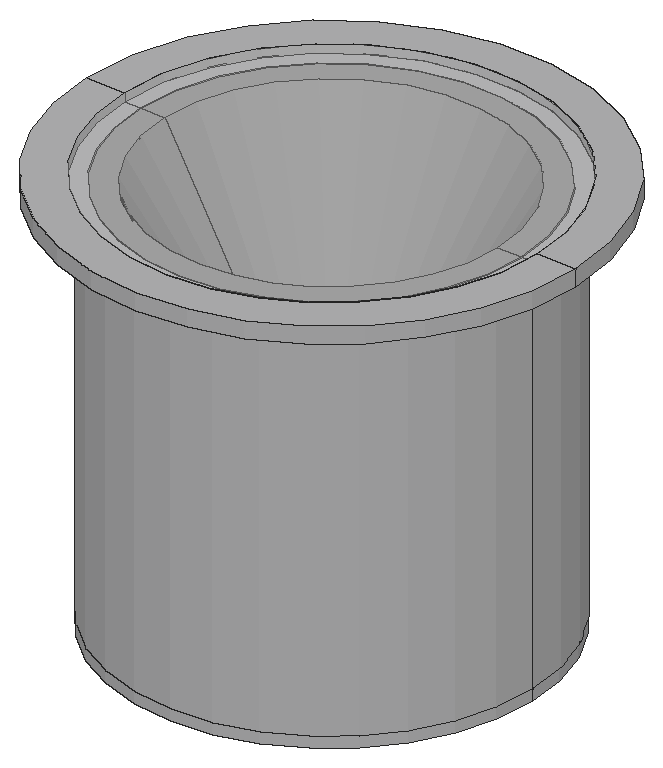
Revit family "2049521 Lighting Fixture_Sylvania_Myriad V LED_Ceiling Recessed", category Lighting Fixtures, host Face, Revit 2015
Parameters (values of type "MYRIAD SS HOUS 4000K DALI")
  Weight = 0.37 kg  # constant formula
  Wattage = 20.5243 W
  built-in parameter 1150110 = 1 (stored number, unit not read)
  Voltage Comments = "UNV (Universal Voltage; 220-240 Volt)"  # constant formula
  Voltage = 240 V  # constant formula
  URL = ""
  built-in parameter 1114217 = 1 (stored number, unit not read)
  Tilt Angle = -90.00°  # constant formula
  built-in parameter 1150109 = 1 (stored number, unit not read)
  built-in parameter 1150134 = (empty or 0)
  built-in parameter 1150113 = 1 (stored number, unit not read)
  Reflector Material = Steel_Sylvania_Myrad V LED_Chrome
  Recessed Depth = Height  # 72.0 mm
  Photometric Web File = "2049521_MYRIADVLED16W4KDALI-90322.ies"
  Product Page URL = ""
  Product Family = "MYRIAD V LED - HOUSING ONLY"  # constant formula
  Photometry Comments = ""
  built-in parameter 1150105 = 1691.5 (stored number, unit not read)
  Lumens = 1057 lm
  built-in parameter 1150115 = 1 (stored number, unit not read)
  built-in parameter 1150137 = (empty or 0)
  built-in parameter 1150139 = (empty or 0)
  Life = "50 000"  # constant formula
  built-in parameter 1150112 = 1 (stored number, unit not read)
  built-in parameter 1150114 = 1 (stored number, unit not read)
  Lamp Comments = "15W Citizen Citiled neutral 4000K"
  LOR = "100%"  # constant formula
  Inner Radius = Cutout Radius - 2.0 mm  # 35.5 mm
  built-in parameter 1150132 = 2
  built-in parameter 1150102 = (empty or 0)
  built-in parameter 1150107 = 3000 (stored number, unit not read)
  built-in parameter 1150138 = (empty or 0)
  built-in parameter 1150106 = 16.915 (stored number, unit not read)
  Emit from Circle Diameter = Diffuser Diameter  # 77.0 mm
  Emit Shape Visible in Rendering = no
  built-in parameter 1150104 = 4.7845 (stored number, unit not read)
  Dimming Lamp Color Temperature Shift = <None>
  Diffuser Diameter = Cutout Diameter + 2.0 mm  # 77.0 mm
  Cutout Radius = Cutout Diameter / 2  # 37.5 mm
  Cutout Diameter = 75.0 mm
  Color Filter = 16777215
  Body Material = Aluminum_Sylvania_Myrad V LED_Silver
  Beam Angle = 30.00°  # constant formula
  built-in parameter 1114218 = 1 (stored number, unit not read)
  built-in parameter 1150133 = 10 (stored number, unit not read)
  IP Rating = "IP20/44(with accessories)"  # constant formula
  Height = 72.0 mm
  Electrical Protection = "CLASS II"  # constant formula
  built-in parameter 1114216 [instance] = 1 (stored number, unit not read)
  Model = "2049521 MYRIAD SS HOUS 4000K DALI"
  Manufacturer = "Feilo-Sylvania Group"
  Lamp = "Integrated LED"
  Diffuser Material = Polycarbonate_Sylvania_Myrad V LED_Clear
  Description = "New high output high efficiency LED downlight modules. IR/UV free light source without heat radiation. Energy efficient light source with far superior luminous flux per watt than existing Low Voltage Halogen. Long life up to 50K hours, fit and forget maintenance free lighting solution. Dimmable options including DALI as standard. IP44 & IP65 versions as standard options. New range of Architectural accessories each providing a different lit dimension. Choice of colour temperatures warm 3000K and neutral 4000K. Luminaires supplied complete with LED drivers. Emergency versions passes through cut out. New completely flush plaster up accessory ring for clean ceiling lines and smooth finish. Total circuit power I5W"  # constant formula
  Default Elevation = 0.0 mm
  built-in parameter 1140040 [instance] = 1
  Assembly Code = "D5020200"
  Apparent Load Comments = ""
  Apparent Load = 15 VA
Reference planes
  plane 1 "Center (Front/Back)": y = 0
  plane 2: z = 0
  plane 3 "Center (Left/Right)": x = 0
  plane 4 "Fixture Bottom": z = 3
  plane 5 "Diffuser": z = 1.454
  plane 6 "Fixture Top": z = -72
  plane 7 "Housing Thickness": z = -70
  plane 8 "Reflector Top": z = -33.546
Forms (mm)
  Extrusion 1, void
    sketch origin (0, 0, 58) x (-1, 0, 0) y (0, -1, 0)
      loop
        circle (0, 0) r 37.5
    from -130 to -55
  Revolve 2, solid, material "Aluminum_Sylvania_Myrad V LED_Silver" <- "Body Material", detail levels fine
    sketch origin (0, 0, 0) x (1, 0, 0) y (0, 0, 1)
      loop
        line (-45.521, 3) -> (-45.521, 0) -> (-37.5, 0) -> (-37.5, -70) -> (-35.537, -70) -> (-35.537, 1.454) -> (-38.5, 1.454) -> (-38.5, 3) -> (-45.521, 3)
      axis (0, 3) -> (0, -70)
    angle from 0 to 360
  Extrusion 3, solid, material "Aluminum_Sylvania_Myrad V LED_Silver" <- "Body Material", detail levels fine
    sketch origin (0, 0, 58) x (-1, 0, 0) y (0, -1, 0)
      loop
        circle (0, 0) r 37.5
    from -130 to -128
  Revolve 4, solid, material "Steel_Sylvania_Myrad V LED_Chrome" <- "Reflector Material", detail levels fine
    sketch origin (0, 0, 0) x (1, 0, 0) y (0, 0, 1)
      loop
        line (-35.5, -33.546) -> (0, -33.546) -> (0, -31.083) -> (-12.169, -31.083) -> (-31, 1.454) -> (-35.5, 1.454) -> (-35.5, -33.546)
      axis (0, 1.454) -> (0, -33.546)
    angle from 0 to 360
  Extrusion 5, solid, material "Polycarbonate_Sylvania_Myrad V LED_Clear" <- "Diffuser Material", detail levels fine
    sketch origin (0, 0, 58) x (-1, 0, 0) y (0, -1, 0)
      loop
        circle (0, 0) r 38.5
    from -56.546 to -55
  Revolve 6, solid, material "Aluminum_Sylvania_Myrad V LED_Silver" <- "Body Material", detail levels coarse+medium
    sketch origin (0, 0, 0) x (1, 0, 0) y (0, 0, 1)
      loop
        line (-45.521, 3) -> (-45.521, 0) -> (-37.5, 0) -> (-37.5, -72) -> (0, -72) -> (0, 3) -> (-45.521, 3)
      axis (0, 3) -> (0, -72)
    angle from 0 to 360
Cuts and joins
  joined: Revolve 2, Extrusion 3
Dimensions and locks
  locked: plane 4 "Fixture Bottom" to plane 2 at 3
  locked: plane 5 "Diffuser" to plane 2 at 1.454
  "Height": plane 2 to plane 6 "Fixture Top"
  plane 7 "Housing Thickness" to plane 6 "Fixture Top" = 2.0 mm
  "Cutout Radius": plane 3 "Center (Left/Right)" to Revolve 2 sketch curve
  locked: Revolve 2 sketch curve to Revolve 2 sketch curve at 1.963
  locked: Revolve 2 sketch curve to Revolve 2 sketch curve at 8.021
  locked: Revolve 4 sketch curve to Revolve 4 sketch curve at 2.463
  locked: Revolve 2 sketch curve to Revolve 2 sketch curve at 1
  "Inner Radius": plane 3 "Center (Left/Right)" to Revolve 4 sketch curve
  locked: Revolve 4 sketch curve to Revolve 4 sketch curve at 4.5
  locked: Revolve 4 sketch curve to Revolve 4 sketch curve at 23.331
  locked: plane 5 "Diffuser" to plane 8 "Reflector Top" at 35
  locked: Revolve 6 sketch curve to Revolve 6 sketch curve at 8.021
  "Cutout Radius": Revolve 6 sketch curve to imposter light
  "Cutout Diameter": diameter of Extrusion 1 sketch curve
  "Cutout Diameter": diameter of Extrusion 3 sketch curve
  "Diffuser Diameter": diameter of Extrusion 5 sketch curve
  aligned and locked: host face to plane 2
  aligned and locked: level to host face
  aligned and locked: Revolve 2 sketch curve to plane 4 "Fixture Bottom"
  aligned and locked: Revolve 2 sketch curve to plane 5 "Diffuser"
  aligned and locked: Revolve 2 sketch curve to plane 2
  aligned and locked: Revolve 2 sketch curve to plane 3 "Center (Left/Right)"
  aligned and locked: plane 7 "Housing Thickness" to Extrusion 3
  aligned and locked: Extrusion 3 to plane 6 "Fixture Top"
  aligned and locked: Revolve 2 sketch curve to plane 7 "Housing Thickness"
  aligned and locked: Revolve 4 sketch curve to plane 5 "Diffuser"
  aligned and locked: Revolve 4 sketch curve to plane 3 "Center (Left/Right)"  (x2)
  aligned and locked: Extrusion 5 to plane 5 "Diffuser"
  aligned and locked: plane 4 "Fixture Bottom" to Extrusion 5
  aligned and locked: Revolve 4 sketch curve to plane 8 "Reflector Top"
  aligned and locked: imposter light to plane 3 "Center (Left/Right)"
  aligned and locked: imposter light to plane 4 "Fixture Bottom"
  aligned and locked: imposter light to plane 1 "Center (Front/Back)"
  aligned and locked: Revolve 6 sketch curve to plane 6 "Fixture Top"
  aligned and locked: Revolve 6 sketch curve to imposter light  (x2)
  aligned and locked: Revolve 6 sketch curve to plane 2
  aligned and locked: imposter light to Extrusion 1
  aligned and locked: Extrusion 1 to plane 6 "Fixture Top"
Automatic sketch dimensions
  host sketch curve to host sketch curve = 345.0 mm
  host sketch curve to host sketch curve = 280.0 mm
  plane 1 "Center (Front/Back)" to Extrusion 1 sketch curve = 0.0 mm
  Extrusion 1 sketch curve to plane 3 "Center (Left/Right)" = 0.0 mm
  plane 8 "Reflector Top" to Revolve 2 sketch curve = 16.453 mm
  plane 4 "Fixture Bottom" to Revolve 2 sketch curve = 14.907 mm
  plane 1 "Center (Front/Back)" to Extrusion 3 sketch curve = 0.0 mm
  Extrusion 3 sketch curve to plane 3 "Center (Left/Right)" = 0.0 mm
  plane 4 "Fixture Bottom" to Revolve 4 sketch curve = 9.307 mm
  Revolve 4 sketch curve to Revolve 4 sketch curve = 25.0 mm
  plane 1 "Center (Front/Back)" to Extrusion 5 sketch curve = 0.0 mm
  Extrusion 5 sketch curve to plane 3 "Center (Left/Right)" = 0.0 mm
  Revolve 6 sketch curve to plane 3 "Center (Left/Right)" = 0.0 mm
  plane 8 "Reflector Top" to Revolve 6 sketch curve = 16.453 mm
  Revolve 6 sketch curve to Revolve 6 sketch curve = 14.907 mm
Connectors
  electrical at (0, 0, -72), driven by "Voltage", driven by "Apparent Load"
    settings: on cut or joined group of Revolve 2, Extrusion 3, index 1, voltage 240 V, apparent load 0 VA, apparent load phase1 15 VA, apparent load phase2 0 VA, apparent load phase3 0 VA, power factor 1, load classification "Lighting", number of poles 1, system type 31, power factor state 1, is connector primary yes, connector utility no, sub classification motor no, connector description ""
